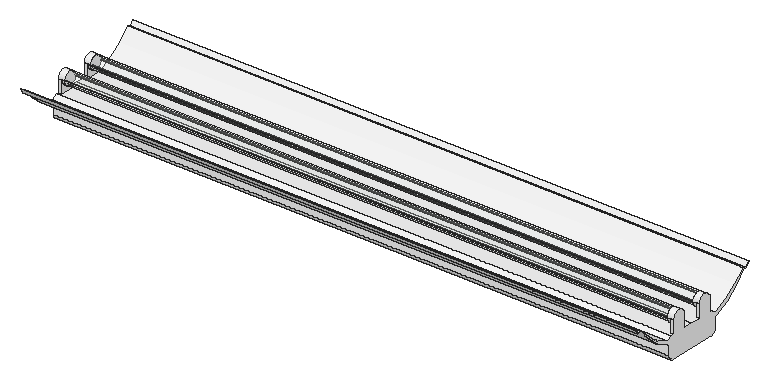
Revit family "CSR4", category Lighting Fixtures, host Face, Revit 2012
Parameters (values of type "CSR4-148")
  Wattage Comments = "67W"
  Wattage = 67 W
  built-in parameter 1150110 = 1 (stored number, unit not read)
  URL = "http://www.columbialighting.com/"
  built-in parameter 1114217 = 1 (stored number, unit not read)
  Tilt Angle = -90.00°
  built-in parameter 1150109 = 1 (stored number, unit not read)
  built-in parameter 1150134 = 3
  built-in parameter 1150113 = 1 (stored number, unit not read)
  Product Page URL = "http://www.columbialighting.com/products/csr"
  Product Documentation Link = "http://www.columbialighting.com/content/products/specs/specs_files/csr4_csr8_bi_pin.pdf"
  Photometric Web File = "10200.IES"
  Model = "CSR4"  # constant formula
  Manufacturer Phone = "864.678.1000"  # constant formula
  Manufacturer Fax = "866.898.1065"  # constant formula
  Manufacturer = "Columbia Lighting"  # constant formula
  built-in parameter 1150105 = 2328.8 (stored number, unit not read)
  Lumens = 9952.31 lm
  built-in parameter 1150115 = 1 (stored number, unit not read)
  built-in parameter 1150137 = (empty or 0)
  built-in parameter 1150139 = (empty or 0)
  built-in parameter 1150112 = 1 (stored number, unit not read)
  built-in parameter 1150114 = 1 (stored number, unit not read)
  Lamp = "1"
  built-in parameter 1150132 = (empty or 0)
  built-in parameter 1150102 = (empty or 0)
  built-in parameter 1150107 = 3200 (stored number, unit not read)
  built-in parameter 1150138 = (empty or 0)
  built-in parameter 1150106 = 23.288 (stored number, unit not read)
  Glass = Glass
  Emit from Line Length = 24.000"
  built-in parameter 1150104 = 13.8 (stored number, unit not read)
  Dimming Lamp Color Temperature Shift = <None>
  Description = "4' or 8' Industrial / 1, 2, or 3-Lamp T8 or T5"  # constant formula
  Default Elevation = 48.000"
  Color Filter = 16777215
  built-in parameter 1114218 = 1 (stored number, unit not read)
  Ballast Factor = ".95"
  Backbox = White
  built-in parameter 1150133 = 10 (stored number, unit not read)
Types (6): name | Wattage Comments | Wattage | Photometric Web File | built-in parameter 1150105 | Lumens | Lamp | built-in parameter 1150106 | Ballast Factor
  (no name) | "67W" | 67 W | "10200.IES" | 2328.8 (stored number, unit not read) | 9952.31 lm | "1" | 23.288 (stored number, unit not read) | ".95"
  CSR4-132 | "30W" | 30 W | "10333.IES" | 1077.2 (stored number, unit not read) | 4456.26 lm | "1" | 10.772 (stored number, unit not read) | ".88"
  CSR4-148 | "67W" | 67 W | "10200.IES" | 2328.8 (stored number, unit not read) | 9952.31 lm | "1" | 23.288 (stored number, unit not read) | ".95"
  CSR4-232 | "60W" | 60 W | "10331.IES" | 709.24 (stored number, unit not read) | 8912.52 lm | "2" | 7.0924 (stored number, unit not read) | ".88"
  CSR4-332 | "88W" | 88 W | "13410.IES" | 3272.4 (stored number, unit not read) | 13071.7 lm | "3" | 32.724 (stored number, unit not read) | ".88"
  CSR4-332-U | "88W" | 88 W | "13410.IES" | 3272.4 (stored number, unit not read) | 13071.7 lm | "3" | 32.724 (stored number, unit not read) | ".88"
Reference planes (in)
  plane 1 "Center (Front/Back)": y = 0.03999
  plane 2: z = 0
  plane 3 "Center (Left/Right)": x = -0.42646
  plane 4: y = 2.25874
  plane 5: y = -2.17876
  plane 6: x = -24.42646
  plane 7: x = 23.57354
  plane 8: x = -23.92646
  plane 9: x = 23.07354
  plane 10: z = 3.625
  plane 11: y = 5.53999
  plane 12: y = -5.46001
  plane 13: y = 1.28999
  plane 14: y = -1.21001
  plane 15: x = -24.17646
  plane 16: x = 23.32354
Forms (in)
  Extrusion 1, solid, material "White" <- "Backbox"
    sketch origin (-0.42646, 0, 0) x (0, 1, 0) y (0, 0, 1)
      loop
        arc (1.85217, 0) -> (2.13966, 0.11908) -> (2.25874, 0.40657) r 0.40657
        line (2.25874, 0.40657) -> (2.25874, 1.30649) -> (1.92358, 1.5) -> (-1.84359, 1.5) -> (-2.17876, 1.30649) -> (-2.17876, 0.40537)
        arc (-2.17876, 0.40537) -> (-2.06003, 0.11873) -> (-1.77338, 0) r 0.40537
        line (-1.77338, 0) -> (1.85217, 0)
    from -24 to 24
  Extrusion 2, solid, material "White" <- "Backbox"
    sketch origin (-0.42646, 0, 0) x (0, 1, 0) y (0, 0, 1)
      loop
        line (2.25874, 1.30649) -> (2.39992, 1.20764)
        arc (2.39992, 1.20764) -> (3.89602, 2.08427) -> (5.06455, 3.36541) r 5.77661
        line (5.06455, 3.36541) -> (5.29947, 3.27991) -> (5.53999, 3.6234) -> (5.29624, 3.31142) -> (5.06132, 3.39692)
        arc (5.06132, 3.39692) -> (3.83376, 2.27706) -> (2.37775, 1.47645) r 7.03303
        line (2.37775, 1.47645) -> (1.98014, 1.70601) -> (0.03999, 1.70601) -> (-1.90016, 1.70601) -> (-2.29776, 1.47645)
        arc (-2.29776, 1.47645) -> (-3.75378, 2.27706) -> (-4.98133, 3.39692) r 7.03303
        line (-4.98133, 3.39692) -> (-5.21626, 3.31142) -> (-5.46001, 3.6234) -> (-5.21949, 3.27991) -> (-4.98457, 3.36541)
        arc (-4.98457, 3.36541) -> (-3.81604, 2.08427) -> (-2.31994, 1.20764) r 5.77661
        line (-2.31994, 1.20764) -> (-2.17876, 1.30649) -> (-1.84359, 1.5) -> (0.03999, 1.5) -> (1.92358, 1.5) -> (2.25874, 1.30649)
    from -24 to 24
  Extrusion 3, solid, material "Glass" <- "Glass"
    sketch origin (-0.42646, 0, 0) x (0, 1, 0) y (0, 0, 1)
      loop
        circle (1.28999, 2.7056) r 0.5
      loop
        circle (-1.21001, 2.7056) r 0.5
      loop
        circle (1.28999, 2.7056) r 0.4
      loop
        circle (-1.21001, 2.7056) r 0.4
    from -23.5 to 23.5
  Extrusion 4, solid, material "White" <- "Backbox"
    sketch origin (-0.42646, 0, 0) x (0, 1, 0) y (0, 0, 1)
      loop
        line (1.78999, 1.5) -> (1.78999, 2.7056)
        arc (1.78999, 2.7056) -> (1.28999, 2.2056) -> (0.78999, 2.7056) r 0.5
        line (0.78999, 2.7056) -> (0.78999, 1.5) -> (1.78999, 1.5)
      loop
        line (-1.71001, 1.5) -> (-0.71001, 1.5) -> (-0.71001, 2.7056)
        arc (-0.71001, 2.7056) -> (-1.21001, 2.2056) -> (-1.71001, 2.7056) r 0.5
        line (-1.71001, 2.7056) -> (-1.71001, 1.5)
    from -24 to -23.75
  Extrusion 5, solid, material "White" <- "Backbox"
    sketch origin (-0.42646, 0, 0) x (0, 1, 0) y (0, 0, 1)
      loop
        circle (1.28999, 2.7056) r 0.5
      loop
        circle (-1.21001, 2.7056) r 0.5
    from 23.5 to 24
  Extrusion 6, solid, material "White" <- "Backbox"
    sketch origin (-0.42646, 0, 0) x (0, 1, 0) y (0, 0, 1)
      loop
        arc (1.78999, 2.7056) -> (1.28999, 2.2056) -> (0.78999, 2.7056) r 0.5
        line (0.78999, 2.7056) -> (0.78999, 1.5) -> (1.78999, 1.5) -> (1.78999, 2.7056)
      loop
        arc (-0.71001, 2.7056) -> (-1.21001, 2.2056) -> (-1.71001, 2.7056) r 0.5
        line (-1.71001, 2.7056) -> (-1.71001, 1.5) -> (-0.71001, 1.5) -> (-0.71001, 2.7056)
    from 23.75 to 24
  Extrusion 7, solid, material "White" <- "Backbox"
    sketch origin (-0.42646, 0, 0) x (0, 1, 0) y (0, 0, 1)
      loop
        circle (1.28999, 2.7056) r 0.5
      loop
        circle (-1.21001, 2.7056) r 0.5
    from -24 to -23.5
Cuts and joins
  joined: Extrusion 1, Extrusion 2, Extrusion 4, Extrusion 5, Extrusion 6, Extrusion 7
Dimensions and locks (in)
  equal spacing: plane 4, plane 1 "Center (Front/Back)", plane 5
  locked: plane 4 to plane 5 at 4.4375
  equal spacing: plane 7, plane 3 "Center (Left/Right)", plane 6
  locked: plane 7 to plane 6 at 48
  locked: plane 8 to plane 6 at 0.5
  locked: plane 9 to plane 7 at 0.5
  locked: plane 10 to level at 3.625
  equal spacing: plane 11, plane 1 "Center (Front/Back)", plane 12
  plane 11 to plane 12 = 11.000"
  locked: plane 1 "Center (Front/Back)" to plane 12 at 5.5
  equal spacing: plane 13, plane 1 "Center (Front/Back)", plane 14
  plane 13 to plane 14 = 2.500"
  locked: plane 15 to plane 6 at 0.25
  locked: plane 16 to plane 7 at 0.25
  aligned and locked: plane 2 to host face
  aligned and locked: level to host face
  aligned and locked: level to Extrusion 1 sketch curve
  aligned and locked: plane 4 to Extrusion 1 sketch curve
  aligned and locked: plane 5 to Extrusion 1 sketch curve
  aligned and locked: Extrusion 1 to plane 7
  aligned and locked: Extrusion 4 sketch curve to Extrusion 3
  aligned and locked: Extrusion 5 sketch curve to Extrusion 3  (x4)
  aligned and locked: Extrusion 6 sketch curve to Extrusion 4  (x3)
  aligned and locked: Extrusion 1 to plane 6
  aligned and locked: plane 9 to Extrusion 5
  aligned and locked: Extrusion 3 to plane 9
  aligned and locked: Extrusion 3 to plane 8
  aligned and locked: Extrusion 6 to plane 7
  aligned and locked: Extrusion 5 to plane 7
  aligned and locked: Extrusion 4 to plane 6
  aligned and locked: plane 15 to Extrusion 4
  aligned and locked: Extrusion 7 sketch curve to Extrusion 3  (x4)
  aligned and locked: Extrusion 7 to plane 6
  aligned and locked: plane 8 to Extrusion 7
  aligned and locked: Extrusion 4 to Extrusion 1  (x2)
  aligned and locked: Extrusion 6 to Extrusion 1
  aligned and locked: Extrusion 2 to plane 6
  aligned and locked: Extrusion 2 to plane 7
Automatic sketch dimensions
  host sketch curve to host sketch curve = 96.000"  (x2)
  Extrusion 2 sketch curve to plane 12 = 0.000"
  Extrusion 2 sketch curve to plane 5 = 0.000"
  Extrusion 2 sketch curve to plane 1 "Center (Front/Back)" = 0.000"  (x2)
  Extrusion 2 sketch curve to plane 4 = 0.000"
  Extrusion 2 sketch curve to plane 11 = 0.000"
  plane 12 to Extrusion 2 sketch curve = 0.24052"
  Extrusion 2 sketch curve to Extrusion 2 sketch curve = 0.00323"  (x4)
  Extrusion 2 sketch curve to Extrusion 2 sketch curve = 0.23169"  (x2)
  Extrusion 2 sketch curve to plane 10 = 0.22808"  (x2)
  Extrusion 2 sketch curve to plane 5 = 0.14118"
  Extrusion 2 sketch curve to plane 5 = 0.119"
  plane 5 to Extrusion 2 sketch curve = 0.2786"
  Extrusion 2 sketch curve to Extrusion 2 sketch curve = 0.05656"  (x2)
  plane 1 "Center (Front/Back)" to Extrusion 2 sketch curve = 0.29922"
  plane 1 "Center (Front/Back)" to Extrusion 2 sketch curve = 0.22069"
  Extrusion 2 sketch curve to plane 1 "Center (Front/Back)" = 0.22069"
  Extrusion 2 sketch curve to plane 1 "Center (Front/Back)" = 0.29922"
  plane 4 to Extrusion 2 sketch curve = 0.33517"
  Extrusion 2 sketch curve to plane 4 = 0.119"
  Extrusion 2 sketch curve to plane 4 = 0.14118"
  plane 11 to Extrusion 2 sketch curve = 0.47867"
  Extrusion 2 sketch curve to Extrusion 2 sketch curve = 0.03151"  (x4)
  Extrusion 2 sketch curve to Extrusion 2 sketch curve = 0.054"  (x2)
  level to Extrusion 2 sketch curve = 1.70601"
  Extrusion 2 sketch curve to Extrusion 2 sketch curve = 0.20601"
  Extrusion 2 sketch curve to Extrusion 2 sketch curve = 0.02355"  (x2)
  Extrusion 2 sketch curve to Extrusion 2 sketch curve = 0.16996"  (x2)
  Extrusion 2 sketch curve to Extrusion 2 sketch curve = 0.09885"  (x2)
  Extrusion 2 sketch curve to plane 10 = 0.0016"  (x2)
  plane 5 to Extrusion 1 sketch curve = 0.40537"
  plane 4 to Extrusion 1 sketch curve = 0.40657"
  Extrusion 1 sketch curve to Extrusion 1 sketch curve = 0.33517"
  Extrusion 1 sketch curve to Extrusion 1 sketch curve = 0.89992"
  plane 5 to Extrusion 1 sketch curve = 0.33517"
  Extrusion 1 sketch curve to Extrusion 1 sketch curve = 0.19351"  (x2)
  Extrusion 3 sketch curve to plane 14 = 0.000"
  Extrusion 3 sketch curve to plane 13 = 0.000"
  Extrusion 3 sketch curve to plane 10 = 0.9194"  (x2)
  Extrusion 3 sketch curve to Extrusion 3 sketch curve = 0.000"  (x4)
  Extrusion 4 sketch curve to plane 14 = 0.000"
  plane 5 to Extrusion 4 sketch curve = 0.46875"
  level to Extrusion 4 sketch curve = 1.500"
  Extrusion 4 sketch curve to Extrusion 4 sketch curve = 1.2056"
  Extrusion 4 sketch curve to plane 10 = 0.9194"
  Extrusion 6 sketch curve to plane 14 = 0.000"
  plane 5 to Extrusion 6 sketch curve = 0.46875"
  level to Extrusion 6 sketch curve = 1.500"
  Extrusion 6 sketch curve to plane 10 = 0.9194"
  radius of Extrusion 3 sketch curve = 0.500"  (x2)
  radius of Extrusion 3 sketch curve = 0.400"  (x2)
Connectors (in)
  electrical at (0, 0, 0), driven by "Description"
    settings: on host face, index 1, voltage 0 V, apparent load 0 VA, apparent load phase1 0 VA, apparent load phase2 0 VA, apparent load phase3 0 VA, power factor 1, load classification "Other", number of poles 1, system type 30, power factor state 1, is connector primary yes, connector utility no, sub classification motor no, connector description "4' or 8' Industrial / 1, 2, or 3-Lamp T8 or T5"
